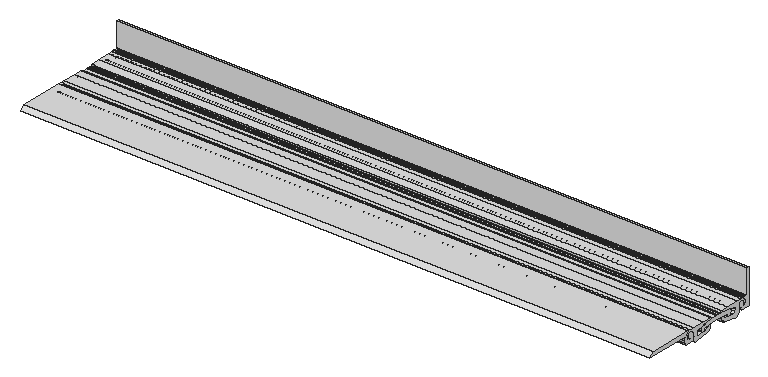
Revit family "Construction-Floors-Conecto-Aluminium Joints ALU AL.125.20", category Specialty Equipment, Revit 2015 (continued)
Definition of nested family "Standard"
  Automatic sketch dimensions
    Extrusion 17 sketch curve to Extrusion 17 sketch curve = 1.113 mm
    Extrusion 17 sketch curve to Extrusion 17 sketch curve = 1.062 mm
    Extrusion 17 sketch curve to Extrusion 17 sketch curve = 0.775 mm
    Extrusion 17 sketch curve to Extrusion 17 sketch curve = 0.729 mm
    Extrusion 17 sketch curve to Extrusion 17 sketch curve = 0.306 mm
    Extrusion 17 sketch curve to Extrusion 17 sketch curve = 0.298 mm
    Extrusion 17 sketch curve to Extrusion 17 sketch curve = 0.832 mm
    Extrusion 17 sketch curve to Extrusion 17 sketch curve = 2.714 mm
    Extrusion 17 sketch curve to Extrusion 17 sketch curve = 0.243 mm
    Extrusion 17 sketch curve to Extrusion 17 sketch curve = 0.349 mm
    Extrusion 17 sketch curve to Extrusion 17 sketch curve = 1.943 mm
    Extrusion 17 sketch curve to Extrusion 17 sketch curve = 0.662 mm
    Extrusion 17 sketch curve to Extrusion 17 sketch curve = 0.732 mm
    Extrusion 17 sketch curve to Extrusion 17 sketch curve = 0.798 mm  (x2)
    Extrusion 17 sketch curve to Extrusion 17 sketch curve = 0.622 mm
    Extrusion 17 sketch curve to Extrusion 17 sketch curve = 1.103 mm
    Extrusion 17 sketch curve to Extrusion 17 sketch curve = 1.039 mm
    Extrusion 17 sketch curve to Extrusion 17 sketch curve = 0.511 mm
    Extrusion 17 sketch curve to Extrusion 17 sketch curve = 0.696 mm
    Extrusion 17 sketch curve to Extrusion 17 sketch curve = 0.528 mm
    Extrusion 17 sketch curve to Extrusion 17 sketch curve = 0.379 mm
    Extrusion 17 sketch curve to Extrusion 17 sketch curve = 0.766 mm
    Extrusion 17 sketch curve to Extrusion 17 sketch curve = 2.115 mm
    Extrusion 17 sketch curve to Extrusion 17 sketch curve = 0.17 mm  (x2)
    Extrusion 17 sketch curve to Extrusion 17 sketch curve = 4.075 mm
    Extrusion 17 sketch curve to Extrusion 17 sketch curve = 0.077 mm
    Extrusion 17 sketch curve to Extrusion 17 sketch curve = 0.232 mm
    Extrusion 17 sketch curve to Extrusion 17 sketch curve = 0.373 mm
    Extrusion 17 sketch curve to Extrusion 17 sketch curve = 0.289 mm
    Extrusion 17 sketch curve to Extrusion 17 sketch curve = 0.516 mm
    Extrusion 17 sketch curve to Extrusion 17 sketch curve = 0.635 mm
    Extrusion 17 sketch curve to Extrusion 17 sketch curve = 0.16 mm
    Extrusion 17 sketch curve to Extrusion 17 sketch curve = 1.009 mm
    Extrusion 17 sketch curve to Extrusion 17 sketch curve = 0.845 mm
    Extrusion 17 sketch curve to Extrusion 17 sketch curve = 1.162 mm
    Extrusion 17 sketch curve to Extrusion 17 sketch curve = 1.002 mm
    Extrusion 17 sketch curve to Extrusion 17 sketch curve = 1.018 mm
    plane 5 to Extrusion 17 sketch curve = 1.008 mm
    plane 5 to Extrusion 17 sketch curve = 0.672 mm
    plane 5 to Extrusion 17 sketch curve = 0.328 mm
    plane 5 to Extrusion 17 sketch curve = 0.012 mm
    Extrusion 17 sketch curve to Extrusion 17 sketch curve = 0.76 mm
    Extrusion 17 sketch curve to Extrusion 17 sketch curve = 0.824 mm
    Extrusion 17 sketch curve to Extrusion 17 sketch curve = 0.907 mm
    Extrusion 17 sketch curve to Extrusion 17 sketch curve = 1.22 mm
    Extrusion 17 sketch curve to Extrusion 17 sketch curve = 2.629 mm
    Extrusion 17 sketch curve to Extrusion 17 sketch curve = 0.878 mm
    Extrusion 17 sketch curve to Extrusion 17 sketch curve = 0.93 mm
    Extrusion 17 sketch curve to Extrusion 17 sketch curve = 1.667 mm
    Extrusion 17 sketch curve to Extrusion 17 sketch curve = 1.629 mm
    Extrusion 17 sketch curve to Extrusion 17 sketch curve = 0.794 mm
    Extrusion 17 sketch curve to Extrusion 17 sketch curve = 0.971 mm
    Extrusion 17 sketch curve to Extrusion 17 sketch curve = 1.003 mm
    Extrusion 17 sketch curve to Extrusion 17 sketch curve = 0.737 mm
    Extrusion 17 sketch curve to Extrusion 17 sketch curve = 1.239 mm
    Extrusion 17 sketch curve to Extrusion 17 sketch curve = 0.423 mm
    Extrusion 17 sketch curve to Extrusion 17 sketch curve = 0.543 mm
    Extrusion 17 sketch curve to Extrusion 17 sketch curve = 0.849 mm
    Extrusion 17 sketch curve to Extrusion 17 sketch curve = 0.788 mm
    Extrusion 17 sketch curve to Extrusion 17 sketch curve = 0.039 mm
    Extrusion 17 sketch curve to Extrusion 17 sketch curve = 0.749 mm
    Extrusion 17 sketch curve to Extrusion 17 sketch curve = 0.475 mm
    Extrusion 17 sketch curve to Extrusion 17 sketch curve = 0.394 mm
    Extrusion 17 sketch curve to Extrusion 17 sketch curve = 0.105 mm
    Extrusion 17 sketch curve to Extrusion 17 sketch curve = 1.841 mm
    Extrusion 17 sketch curve to Extrusion 17 sketch curve = 0.909 mm  (x2)
    Extrusion 17 sketch curve to Extrusion 17 sketch curve = 0.813 mm
    Extrusion 17 sketch curve to Extrusion 17 sketch curve = 0.946 mm
    Extrusion 17 sketch curve to Extrusion 17 sketch curve = 0.488 mm
    Extrusion 17 sketch curve to Extrusion 17 sketch curve = 1.614 mm
    plane 5 to Extrusion 18 sketch curve = 74.384 mm
    Extrusion 18 sketch curve to Extrusion 18 sketch curve = 0.43 mm
    Extrusion 18 sketch curve to Extrusion 18 sketch curve = 0.937 mm  (x2)
    Extrusion 18 sketch curve to Extrusion 18 sketch curve = 2.098 mm
    Extrusion 18 sketch curve to Extrusion 18 sketch curve = 1.054 mm  (x2)
    plane 5 to Extrusion 18 sketch curve = 17.576 mm
    Extrusion 18 sketch curve to Extrusion 18 sketch curve = 0.775 mm
    Extrusion 18 sketch curve to Extrusion 18 sketch curve = 0.377 mm
    Extrusion 18 sketch curve to Extrusion 18 sketch curve = 2.284 mm
    Extrusion 18 sketch curve to Extrusion 18 sketch curve = 0.065 mm
    Extrusion 18 sketch curve to Extrusion 18 sketch curve = 0.485 mm
    Extrusion 18 sketch curve to Extrusion 18 sketch curve = 0.623 mm  (x2)
    Extrusion 18 sketch curve to Extrusion 18 sketch curve = 1.105 mm
    Extrusion 18 sketch curve to Extrusion 18 sketch curve = 1.02 mm
    Extrusion 18 sketch curve to Extrusion 18 sketch curve = 0.107 mm
    Extrusion 18 sketch curve to Extrusion 18 sketch curve = 0.272 mm
    Extrusion 18 sketch curve to Extrusion 18 sketch curve = 0.182 mm
    Extrusion 18 sketch curve to Extrusion 18 sketch curve = 0.098 mm
    Extrusion 18 sketch curve to Extrusion 18 sketch curve = 0.591 mm
    Extrusion 18 sketch curve to Extrusion 18 sketch curve = 0.332 mm
    Extrusion 18 sketch curve to Extrusion 18 sketch curve = 0.589 mm
    Extrusion 18 sketch curve to Extrusion 18 sketch curve = 2.296 mm
    Extrusion 18 sketch curve to Extrusion 18 sketch curve = 4.118 mm
    Extrusion 18 sketch curve to Extrusion 18 sketch curve = 0.069 mm
    Extrusion 18 sketch curve to Extrusion 18 sketch curve = 0.189 mm
    Extrusion 18 sketch curve to Extrusion 18 sketch curve = 0.132 mm
    Extrusion 18 sketch curve to Extrusion 18 sketch curve = 0.433 mm
    Extrusion 18 sketch curve to Extrusion 18 sketch curve = 0.556 mm
    Extrusion 18 sketch curve to Extrusion 18 sketch curve = 0.586 mm
    Extrusion 18 sketch curve to Extrusion 18 sketch curve = 0.467 mm
    Extrusion 18 sketch curve to Extrusion 18 sketch curve = 0.54 mm
    Extrusion 18 sketch curve to Extrusion 18 sketch curve = 0.734 mm
    Extrusion 18 sketch curve to Extrusion 18 sketch curve = 0.731 mm
    Extrusion 18 sketch curve to Extrusion 18 sketch curve = 0.807 mm
    Extrusion 18 sketch curve to Extrusion 18 sketch curve = 0.833 mm
    Extrusion 18 sketch curve to Extrusion 18 sketch curve = 0.78 mm
    Extrusion 18 sketch curve to Extrusion 18 sketch curve = 0.732 mm
    Extrusion 18 sketch curve to Extrusion 18 sketch curve = 0.914 mm
    plane 5 to Extrusion 18 sketch curve = 0.641 mm
    plane 5 to Extrusion 18 sketch curve = 0.242 mm
    Extrusion 18 sketch curve to Extrusion 18 sketch curve = 0.531 mm
    Extrusion 18 sketch curve to Extrusion 18 sketch curve = 0.532 mm
    Extrusion 18 sketch curve to Extrusion 18 sketch curve = 0.709 mm
    Extrusion 18 sketch curve to Extrusion 18 sketch curve = 0.883 mm
    Extrusion 18 sketch curve to Extrusion 18 sketch curve = 0.643 mm
    Extrusion 18 sketch curve to Extrusion 18 sketch curve = 0.964 mm
    Extrusion 18 sketch curve to Extrusion 18 sketch curve = 0.834 mm
    Extrusion 18 sketch curve to Extrusion 18 sketch curve = 2.188 mm
    Extrusion 18 sketch curve to Extrusion 18 sketch curve = 0.784 mm
    Extrusion 18 sketch curve to Extrusion 18 sketch curve = 1.019 mm
    Extrusion 18 sketch curve to Extrusion 18 sketch curve = 0.89 mm
    Extrusion 18 sketch curve to Extrusion 18 sketch curve = 1.097 mm
    Extrusion 18 sketch curve to Extrusion 18 sketch curve = 0.938 mm
    Extrusion 18 sketch curve to Extrusion 18 sketch curve = 1.103 mm
    Extrusion 18 sketch curve to Extrusion 18 sketch curve = 0.798 mm
    Extrusion 18 sketch curve to Extrusion 18 sketch curve = 1.151 mm
    Extrusion 18 sketch curve to Extrusion 18 sketch curve = 0.621 mm
    Extrusion 18 sketch curve to Extrusion 18 sketch curve = 0.495 mm
    Extrusion 18 sketch curve to Extrusion 18 sketch curve = 0.64 mm
    Extrusion 18 sketch curve to Extrusion 18 sketch curve = 0.31 mm
    Extrusion 18 sketch curve to Extrusion 18 sketch curve = 0.281 mm
    Extrusion 18 sketch curve to Extrusion 18 sketch curve = 0.157 mm
    Extrusion 18 sketch curve to Extrusion 18 sketch curve = 0.166 mm
    Extrusion 18 sketch curve to Extrusion 18 sketch curve = 0.93 mm
    Extrusion 18 sketch curve to Extrusion 18 sketch curve = 1.828 mm
    Extrusion 18 sketch curve to Extrusion 18 sketch curve = 1.04 mm
    Extrusion 18 sketch curve to Extrusion 18 sketch curve = 0.911 mm
    Extrusion 18 sketch curve to Extrusion 18 sketch curve = 0.491 mm
    Extrusion 18 sketch curve to Extrusion 18 sketch curve = 1.053 mm
    Extrusion 18 sketch curve to Extrusion 18 sketch curve = 1.425 mm
    plane 5 to Extrusion 19 sketch curve = 74.364 mm
    Extrusion 19 sketch curve to Extrusion 19 sketch curve = 0.43 mm
    Extrusion 19 sketch curve to Extrusion 19 sketch curve = 2.098 mm
    Extrusion 19 sketch curve to Extrusion 19 sketch curve = 1.054 mm  (x2)
    plane 5 to Extrusion 19 sketch curve = 17.556 mm
    Extrusion 19 sketch curve to Extrusion 19 sketch curve = 0.775 mm
    Extrusion 19 sketch curve to Extrusion 19 sketch curve = 0.377 mm
    Extrusion 19 sketch curve to Extrusion 19 sketch curve = 2.284 mm
    Extrusion 19 sketch curve to Extrusion 19 sketch curve = 0.065 mm
    Extrusion 19 sketch curve to Extrusion 19 sketch curve = 0.485 mm
    Extrusion 19 sketch curve to Extrusion 19 sketch curve = 0.623 mm  (x2)
    Extrusion 19 sketch curve to Extrusion 19 sketch curve = 1.105 mm
    Extrusion 19 sketch curve to Extrusion 19 sketch curve = 1.02 mm
    Extrusion 19 sketch curve to Extrusion 19 sketch curve = 0.107 mm
    Extrusion 19 sketch curve to Extrusion 19 sketch curve = 0.272 mm
    Extrusion 19 sketch curve to Extrusion 19 sketch curve = 0.182 mm
    Extrusion 19 sketch curve to Extrusion 19 sketch curve = 0.098 mm
    Extrusion 19 sketch curve to Extrusion 19 sketch curve = 4.529 mm
    Extrusion 19 sketch curve to Extrusion 19 sketch curve = 0.102 mm
    Extrusion 19 sketch curve to Extrusion 19 sketch curve = 0.291 mm
    Extrusion 19 sketch curve to Extrusion 19 sketch curve = 0.591 mm
    Extrusion 19 sketch curve to Extrusion 19 sketch curve = 0.304 mm
    Extrusion 19 sketch curve to Extrusion 19 sketch curve = 0.332 mm
    Extrusion 19 sketch curve to Extrusion 19 sketch curve = 0.574 mm
    Extrusion 19 sketch curve to Extrusion 19 sketch curve = 0.589 mm
    Extrusion 19 sketch curve to Extrusion 19 sketch curve = 0.534 mm
    Extrusion 19 sketch curve to Extrusion 19 sketch curve = 0.778 mm
    Extrusion 19 sketch curve to Extrusion 19 sketch curve = 2.296 mm
    Extrusion 19 sketch curve to Extrusion 19 sketch curve = 1.352 mm
    Extrusion 19 sketch curve to Extrusion 19 sketch curve = 4.118 mm
    Extrusion 19 sketch curve to Extrusion 19 sketch curve = 0.069 mm
    Extrusion 19 sketch curve to Extrusion 19 sketch curve = 0.189 mm
    Extrusion 19 sketch curve to Extrusion 19 sketch curve = 0.132 mm
    Extrusion 19 sketch curve to Extrusion 19 sketch curve = 0.433 mm
    Extrusion 19 sketch curve to Extrusion 19 sketch curve = 1.397 mm
    Extrusion 19 sketch curve to Extrusion 19 sketch curve = 0.556 mm
    Extrusion 19 sketch curve to Extrusion 19 sketch curve = 0.586 mm
    Extrusion 19 sketch curve to Extrusion 19 sketch curve = 0.467 mm
    Extrusion 19 sketch curve to Extrusion 19 sketch curve = 0.54 mm
    Extrusion 19 sketch curve to Extrusion 19 sketch curve = 4.097 mm
    Extrusion 19 sketch curve to Extrusion 19 sketch curve = 0.116 mm
    Extrusion 19 sketch curve to Extrusion 19 sketch curve = 1.064 mm
    Extrusion 19 sketch curve to Extrusion 19 sketch curve = 0.693 mm
    Extrusion 19 sketch curve to Extrusion 19 sketch curve = 0.734 mm  (x2)
    Extrusion 19 sketch curve to Extrusion 19 sketch curve = 0.249 mm
    Extrusion 19 sketch curve to Extrusion 19 sketch curve = 0.731 mm
    Extrusion 19 sketch curve to Extrusion 19 sketch curve = 0.807 mm
    Extrusion 19 sketch curve to Extrusion 19 sketch curve = 0.833 mm
    Extrusion 19 sketch curve to Extrusion 19 sketch curve = 0.78 mm
    Extrusion 19 sketch curve to Extrusion 19 sketch curve = 0.732 mm
    Extrusion 19 sketch curve to Extrusion 19 sketch curve = 0.914 mm
    plane 5 to Extrusion 19 sketch curve = 0.621 mm
    plane 5 to Extrusion 19 sketch curve = 0.222 mm
    Extrusion 19 sketch curve to Extrusion 19 sketch curve = 0.006 mm
    Extrusion 19 sketch curve to Extrusion 19 sketch curve = 0.829 mm
    Extrusion 19 sketch curve to Extrusion 19 sketch curve = 0.931 mm
    Extrusion 19 sketch curve to Extrusion 19 sketch curve = 0.856 mm
    Extrusion 19 sketch curve to Extrusion 19 sketch curve = 0.688 mm
    Extrusion 19 sketch curve to Extrusion 19 sketch curve = 1.414 mm
    Extrusion 19 sketch curve to Extrusion 19 sketch curve = 0.532 mm
    Extrusion 19 sketch curve to Extrusion 19 sketch curve = 0.883 mm
    Extrusion 19 sketch curve to Extrusion 19 sketch curve = 0.643 mm
    Extrusion 19 sketch curve to Extrusion 19 sketch curve = 0.964 mm
    Extrusion 19 sketch curve to Extrusion 19 sketch curve = 0.834 mm
    Extrusion 19 sketch curve to Extrusion 19 sketch curve = 2.188 mm
    Extrusion 19 sketch curve to Extrusion 19 sketch curve = 0.784 mm
    Extrusion 19 sketch curve to Extrusion 19 sketch curve = 1.019 mm
    Extrusion 19 sketch curve to Extrusion 19 sketch curve = 0.89 mm
    Extrusion 19 sketch curve to Extrusion 19 sketch curve = 1.097 mm
    Extrusion 19 sketch curve to Extrusion 19 sketch curve = 0.938 mm
    Extrusion 19 sketch curve to Extrusion 19 sketch curve = 1.103 mm
    Extrusion 19 sketch curve to Extrusion 19 sketch curve = 0.798 mm
    Extrusion 19 sketch curve to Extrusion 19 sketch curve = 1.151 mm
    Extrusion 19 sketch curve to Extrusion 19 sketch curve = 0.621 mm
    Extrusion 19 sketch curve to Extrusion 19 sketch curve = 0.495 mm
    Extrusion 19 sketch curve to Extrusion 19 sketch curve = 0.64 mm
    Extrusion 19 sketch curve to Extrusion 19 sketch curve = 0.31 mm
    Extrusion 19 sketch curve to Extrusion 19 sketch curve = 0.281 mm
    Extrusion 19 sketch curve to Extrusion 19 sketch curve = 0.157 mm
    Extrusion 19 sketch curve to Extrusion 19 sketch curve = 0.166 mm
    Extrusion 19 sketch curve to Extrusion 19 sketch curve = 0.93 mm
    Extrusion 19 sketch curve to Extrusion 19 sketch curve = 1.828 mm
    Extrusion 19 sketch curve to Extrusion 19 sketch curve = 1.04 mm
    Extrusion 19 sketch curve to Extrusion 19 sketch curve = 0.911 mm
    Extrusion 19 sketch curve to Extrusion 19 sketch curve = 0.491 mm
    Extrusion 19 sketch curve to Extrusion 19 sketch curve = 1.053 mm
    Extrusion 19 sketch curve to Extrusion 19 sketch curve = 2.626 mm
    plane 5 to Extrusion 20 sketch curve = 74.226 mm
    Extrusion 20 sketch curve to Extrusion 20 sketch curve = 0.749 mm
    Extrusion 20 sketch curve to Extrusion 20 sketch curve = 1.78 mm
    Extrusion 20 sketch curve to Extrusion 20 sketch curve = 1.537 mm
    Extrusion 20 sketch curve to Extrusion 20 sketch curve = 1.854 mm
    plane 5 to Extrusion 20 sketch curve = 16.416 mm
    Extrusion 20 sketch curve to Extrusion 20 sketch curve = 0.43 mm
    Extrusion 20 sketch curve to Extrusion 20 sketch curve = 2.284 mm
    Extrusion 20 sketch curve to Extrusion 20 sketch curve = 0.065 mm
    Extrusion 20 sketch curve to Extrusion 20 sketch curve = 0.485 mm
    Extrusion 20 sketch curve to Extrusion 20 sketch curve = 0.623 mm  (x2)
    Extrusion 20 sketch curve to Extrusion 20 sketch curve = 3.012 mm
    Extrusion 20 sketch curve to Extrusion 20 sketch curve = 3.271 mm
    Extrusion 20 sketch curve to Extrusion 20 sketch curve = 1.105 mm
    Extrusion 20 sketch curve to Extrusion 20 sketch curve = 1.02 mm
    Extrusion 20 sketch curve to Extrusion 20 sketch curve = 0.107 mm
    Extrusion 20 sketch curve to Extrusion 20 sketch curve = 0.272 mm
    Extrusion 20 sketch curve to Extrusion 20 sketch curve = 0.182 mm
    Extrusion 20 sketch curve to Extrusion 20 sketch curve = 0.098 mm
    Extrusion 20 sketch curve to Extrusion 20 sketch curve = 0.803 mm
    Extrusion 20 sketch curve to Extrusion 20 sketch curve = 1.154 mm
    Extrusion 20 sketch curve to Extrusion 20 sketch curve = 0.591 mm  (x2)
    Extrusion 20 sketch curve to Extrusion 20 sketch curve = 1.054 mm
    Extrusion 20 sketch curve to Extrusion 20 sketch curve = 0.626 mm
    Extrusion 20 sketch curve to Extrusion 20 sketch curve = 0.332 mm
    Extrusion 20 sketch curve to Extrusion 20 sketch curve = 0.589 mm
    Extrusion 20 sketch curve to Extrusion 20 sketch curve = 0.908 mm
    Extrusion 20 sketch curve to Extrusion 20 sketch curve = 2.519 mm
    Extrusion 20 sketch curve to Extrusion 20 sketch curve = 2.296 mm
    Extrusion 20 sketch curve to Extrusion 20 sketch curve = 1.233 mm
    Extrusion 20 sketch curve to Extrusion 20 sketch curve = 4.118 mm
    Extrusion 20 sketch curve to Extrusion 20 sketch curve = 0.069 mm
    Extrusion 20 sketch curve to Extrusion 20 sketch curve = 0.189 mm
    Extrusion 20 sketch curve to Extrusion 20 sketch curve = 0.132 mm
    Extrusion 20 sketch curve to Extrusion 20 sketch curve = 1.181 mm
    Extrusion 20 sketch curve to Extrusion 20 sketch curve = 0.433 mm
    Extrusion 20 sketch curve to Extrusion 20 sketch curve = 0.556 mm
    Extrusion 20 sketch curve to Extrusion 20 sketch curve = 0.586 mm
    Extrusion 20 sketch curve to Extrusion 20 sketch curve = 2.086 mm
    Extrusion 20 sketch curve to Extrusion 20 sketch curve = 0.54 mm
    Extrusion 20 sketch curve to Extrusion 20 sketch curve = 1.13 mm
    Extrusion 20 sketch curve to Extrusion 20 sketch curve = 0.926 mm
    Extrusion 20 sketch curve to Extrusion 20 sketch curve = 0.734 mm
    Extrusion 20 sketch curve to Extrusion 20 sketch curve = 0.939 mm  (x2)
    Extrusion 20 sketch curve to Extrusion 20 sketch curve = 0.654 mm
    Extrusion 20 sketch curve to Extrusion 20 sketch curve = 0.731 mm
    Extrusion 20 sketch curve to Extrusion 20 sketch curve = 0.456 mm
    Extrusion 20 sketch curve to Extrusion 20 sketch curve = 0.807 mm
    Extrusion 20 sketch curve to Extrusion 20 sketch curve = 0.833 mm
    Extrusion 20 sketch curve to Extrusion 20 sketch curve = 0.78 mm
    Extrusion 20 sketch curve to Extrusion 20 sketch curve = 0.732 mm
    Extrusion 20 sketch curve to Extrusion 20 sketch curve = 0.914 mm
    plane 5 to Extrusion 20 sketch curve = 0.633 mm
    plane 5 to Extrusion 20 sketch curve = 0.234 mm
    Extrusion 20 sketch curve to Extrusion 20 sketch curve = 12.646 mm
    Extrusion 20 sketch curve to Extrusion 20 sketch curve = 1.028 mm
    Extrusion 20 sketch curve to Extrusion 20 sketch curve = 0.44 mm
    Extrusion 20 sketch curve to Extrusion 20 sketch curve = 0.145 mm
    Extrusion 20 sketch curve to Extrusion 20 sketch curve = 0.151 mm
    Extrusion 20 sketch curve to Extrusion 20 sketch curve = 0.462 mm
    Extrusion 20 sketch curve to Extrusion 20 sketch curve = 0.576 mm
    Extrusion 20 sketch curve to Extrusion 20 sketch curve = 0.472 mm
    Extrusion 20 sketch curve to Extrusion 20 sketch curve = 1.607 mm
    Extrusion 20 sketch curve to Extrusion 20 sketch curve = 1.617 mm
    Extrusion 20 sketch curve to Extrusion 20 sketch curve = 1.074 mm
    Extrusion 20 sketch curve to Extrusion 20 sketch curve = 0.934 mm
    Extrusion 20 sketch curve to Extrusion 20 sketch curve = 0.532 mm
    Extrusion 20 sketch curve to Extrusion 20 sketch curve = 0.883 mm
    Extrusion 20 sketch curve to Extrusion 20 sketch curve = 0.643 mm
    Extrusion 20 sketch curve to Extrusion 20 sketch curve = 0.161 mm
    Extrusion 20 sketch curve to Extrusion 20 sketch curve = 0.964 mm
    Extrusion 20 sketch curve to Extrusion 20 sketch curve = 0.834 mm
    Extrusion 20 sketch curve to Extrusion 20 sketch curve = 2.188 mm
    Extrusion 20 sketch curve to Extrusion 20 sketch curve = 0.784 mm
    Extrusion 20 sketch curve to Extrusion 20 sketch curve = 1.019 mm
    Extrusion 20 sketch curve to Extrusion 20 sketch curve = 0.89 mm
    Extrusion 20 sketch curve to Extrusion 20 sketch curve = 1.097 mm
    Extrusion 20 sketch curve to Extrusion 20 sketch curve = 0.938 mm
    Extrusion 20 sketch curve to Extrusion 20 sketch curve = 1.103 mm
    Extrusion 20 sketch curve to Extrusion 20 sketch curve = 0.798 mm
    Extrusion 20 sketch curve to Extrusion 20 sketch curve = 1.151 mm
    Extrusion 20 sketch curve to Extrusion 20 sketch curve = 0.621 mm
    Extrusion 20 sketch curve to Extrusion 20 sketch curve = 0.495 mm
    Extrusion 20 sketch curve to Extrusion 20 sketch curve = 0.64 mm
    Extrusion 20 sketch curve to Extrusion 20 sketch curve = 0.31 mm
    Extrusion 20 sketch curve to Extrusion 20 sketch curve = 0.281 mm
    Extrusion 20 sketch curve to Extrusion 20 sketch curve = 0.157 mm
    Extrusion 20 sketch curve to Extrusion 20 sketch curve = 0.166 mm
    Extrusion 20 sketch curve to Extrusion 20 sketch curve = 0.93 mm
    Extrusion 20 sketch curve to Extrusion 20 sketch curve = 1.828 mm
    Extrusion 20 sketch curve to Extrusion 20 sketch curve = 1.04 mm
    Extrusion 20 sketch curve to Extrusion 20 sketch curve = 0.911 mm
    Extrusion 20 sketch curve to Extrusion 20 sketch curve = 0.491 mm
    Extrusion 20 sketch curve to Extrusion 20 sketch curve = 1.053 mm
    Extrusion 20 sketch curve to Extrusion 20 sketch curve = 2.626 mm
    plane 6 to Extrusion 21 sketch curve = 76.237 mm
    Extrusion 21 sketch curve to Extrusion 21 sketch curve = 0.134 mm
    Extrusion 21 sketch curve to Extrusion 21 sketch curve = 0.685 mm  (x2)
    Extrusion 21 sketch curve to Extrusion 21 sketch curve = 0.826 mm
    Extrusion 21 sketch curve to Extrusion 21 sketch curve = 1.425 mm
    Extrusion 21 sketch curve to Extrusion 21 sketch curve = 2.078 mm
    plane 6 to Extrusion 21 sketch curve = 16.425 mm
    Extrusion 21 sketch curve to Extrusion 21 sketch curve = 0.009 mm
    Extrusion 21 sketch curve to Extrusion 21 sketch curve = 0.041 mm
    Extrusion 21 sketch curve to Extrusion 21 sketch curve = 0.911 mm  (x2)
    Extrusion 21 sketch curve to Extrusion 21 sketch curve = 2.3 mm
    Extrusion 21 sketch curve to Extrusion 21 sketch curve = 2.339 mm
    Extrusion 21 sketch curve to Extrusion 21 sketch curve = 0.027 mm
    Extrusion 21 sketch curve to Extrusion 21 sketch curve = 0.499 mm
    Extrusion 21 sketch curve to Extrusion 21 sketch curve = 0.837 mm
    Extrusion 21 sketch curve to Extrusion 21 sketch curve = 0.786 mm  (x2)
    Extrusion 21 sketch curve to Extrusion 21 sketch curve = 0.774 mm  (x2)
    Extrusion 21 sketch curve to Extrusion 21 sketch curve = 0.425 mm
    Extrusion 21 sketch curve to Extrusion 21 sketch curve = 0.097 mm
    Extrusion 21 sketch curve to Extrusion 21 sketch curve = 0.246 mm
    Extrusion 21 sketch curve to Extrusion 21 sketch curve = 0.831 mm
    Extrusion 21 sketch curve to Extrusion 21 sketch curve = 0.349 mm
    Extrusion 21 sketch curve to Extrusion 21 sketch curve = 0.778 mm
    Extrusion 21 sketch curve to Extrusion 21 sketch curve = 0.491 mm  (x2)
    plane 6 to Extrusion 21 sketch curve = 11.198 mm
    Extrusion 21 sketch curve to Extrusion 21 sketch curve = 0.697 mm
    Extrusion 21 sketch curve to Extrusion 21 sketch curve = 3.355 mm
    Extrusion 21 sketch curve to Extrusion 21 sketch curve = 0.719 mm
    Extrusion 21 sketch curve to Extrusion 21 sketch curve = 0.595 mm
    Extrusion 21 sketch curve to Extrusion 21 sketch curve = 0.672 mm
    Extrusion 21 sketch curve to Extrusion 21 sketch curve = 0.908 mm
    Extrusion 21 sketch curve to Extrusion 21 sketch curve = 0.74 mm
    Extrusion 21 sketch curve to Extrusion 21 sketch curve = 0.885 mm  (x2)
    Extrusion 21 sketch curve to Extrusion 21 sketch curve = 0.607 mm
    Extrusion 21 sketch curve to Extrusion 21 sketch curve = 0.827 mm
    Extrusion 21 sketch curve to Extrusion 21 sketch curve = 2.153 mm
    Extrusion 21 sketch curve to Extrusion 21 sketch curve = 0.459 mm
    Extrusion 21 sketch curve to Extrusion 21 sketch curve = 0.775 mm
    Extrusion 21 sketch curve to Extrusion 21 sketch curve = 0.787 mm
    Extrusion 21 sketch curve to Extrusion 21 sketch curve = 4.161 mm
    Extrusion 21 sketch curve to Extrusion 21 sketch curve = 0.155 mm
    Extrusion 21 sketch curve to Extrusion 21 sketch curve = 2.645 mm
    Extrusion 21 sketch curve to Extrusion 21 sketch curve = 0.258 mm
    Extrusion 21 sketch curve to Extrusion 21 sketch curve = 0.789 mm
    Extrusion 21 sketch curve to Extrusion 21 sketch curve = 0.379 mm
    Extrusion 21 sketch curve to Extrusion 21 sketch curve = 0.889 mm
    Extrusion 21 sketch curve to Extrusion 21 sketch curve = 0.488 mm
    Extrusion 21 sketch curve to Extrusion 21 sketch curve = 1.704 mm
    Extrusion 21 sketch curve to Extrusion 21 sketch curve = 0.741 mm
    Extrusion 21 sketch curve to Extrusion 21 sketch curve = 0.656 mm  (x2)
    Extrusion 21 sketch curve to Extrusion 21 sketch curve = 0.298 mm
    Extrusion 21 sketch curve to Extrusion 21 sketch curve = 0.771 mm
    Extrusion 21 sketch curve to Extrusion 21 sketch curve = 0.877 mm
    Extrusion 21 sketch curve to Extrusion 21 sketch curve = 0.492 mm
    Extrusion 21 sketch curve to Extrusion 21 sketch curve = 0.714 mm
    Extrusion 21 sketch curve to Extrusion 21 sketch curve = 0.418 mm
    Extrusion 21 sketch curve to Extrusion 21 sketch curve = 0.776 mm
    Extrusion 21 sketch curve to Extrusion 21 sketch curve = 0.629 mm
    Extrusion 21 sketch curve to Extrusion 21 sketch curve = 0.721 mm
    Extrusion 21 sketch curve to Extrusion 21 sketch curve = 0.523 mm
    Extrusion 21 sketch curve to Extrusion 21 sketch curve = 0.922 mm
    Extrusion 21 sketch curve to Extrusion 21 sketch curve = 0.347 mm
    Extrusion 21 sketch curve to Extrusion 21 sketch curve = 0.484 mm
    Extrusion 21 sketch curve to Extrusion 21 sketch curve = 0.085 mm
    Extrusion 21 sketch curve to Extrusion 21 sketch curve = 0.931 mm
    Extrusion 21 sketch curve to Extrusion 21 sketch curve = 0.833 mm
    plane 6 to Extrusion 21 sketch curve = 2.025 mm  (x2)
    Extrusion 21 sketch curve to Extrusion 21 sketch curve = 0.81 mm
    plane 6 to Extrusion 21 sketch curve = 0.891 mm  (x2)
    plane 6 to Extrusion 21 sketch curve = 0.11 mm
    Extrusion 21 sketch curve to Extrusion 21 sketch curve = 0.601 mm
    Extrusion 21 sketch curve to Extrusion 21 sketch curve = 0.78 mm
    Extrusion 21 sketch curve to Extrusion 21 sketch curve = 0.804 mm
    Extrusion 21 sketch curve to Extrusion 21 sketch curve = 0.811 mm
    Extrusion 21 sketch curve to Extrusion 21 sketch curve = 2.532 mm
    Extrusion 21 sketch curve to Extrusion 21 sketch curve = 0.993 mm
    Extrusion 21 sketch curve to Extrusion 21 sketch curve = 0.391 mm
    Extrusion 21 sketch curve to Extrusion 21 sketch curve = 0.063 mm
    Extrusion 21 sketch curve to Extrusion 21 sketch curve = 0.673 mm
    Extrusion 21 sketch curve to Extrusion 21 sketch curve = 0.38 mm
    Extrusion 21 sketch curve to Extrusion 21 sketch curve = 0.252 mm
    Extrusion 21 sketch curve to Extrusion 21 sketch curve = 0.151 mm
    Extrusion 21 sketch curve to Extrusion 21 sketch curve = 3.295 mm  (x2)
    Extrusion 21 sketch curve to Extrusion 21 sketch curve = 2.553 mm
    Extrusion 21 sketch curve to Extrusion 21 sketch curve = 0.406 mm
    Extrusion 21 sketch curve to Extrusion 21 sketch curve = 3.77 mm
    Extrusion 21 sketch curve to Extrusion 21 sketch curve = 0.794 mm
    Extrusion 21 sketch curve to Extrusion 21 sketch curve = 63.318 mm
    Extrusion 21 sketch curve to Extrusion 21 sketch curve = 1.56 mm
    Extrusion 21 sketch curve to Extrusion 21 sketch curve = 0.918 mm
    Extrusion 21 sketch curve to Extrusion 21 sketch curve = 0.284 mm
    Extrusion 21 sketch curve to Extrusion 21 sketch curve = 0.587 mm
    Extrusion 21 sketch curve to Extrusion 21 sketch curve = 1.2 mm
    Extrusion 21 sketch curve to Extrusion 21 sketch curve = 1.911 mm
    Extrusion 21 sketch curve to Extrusion 21 sketch curve = 0.578 mm
    Extrusion 21 sketch curve to Extrusion 21 sketch curve = 4.832 mm
    Extrusion 21 sketch curve to Extrusion 21 sketch curve = 0.912 mm
    Extrusion 21 sketch curve to Extrusion 21 sketch curve = 0.917 mm
    Extrusion 21 sketch curve to Extrusion 21 sketch curve = 2.428 mm
    Extrusion 21 sketch curve to Extrusion 21 sketch curve = 0.795 mm
    Extrusion 21 sketch curve to Extrusion 21 sketch curve = 0.87 mm
    Extrusion 21 sketch curve to Extrusion 21 sketch curve = 2.001 mm
    Extrusion 21 sketch curve to Extrusion 21 sketch curve = 1.1 mm
    Extrusion 21 sketch curve to Extrusion 21 sketch curve = 1.105 mm
    Extrusion 21 sketch curve to Extrusion 21 sketch curve = 1.16 mm
    Extrusion 21 sketch curve to Extrusion 21 sketch curve = 0.798 mm
    Extrusion 21 sketch curve to Extrusion 21 sketch curve = 0.812 mm
    Extrusion 21 sketch curve to Extrusion 21 sketch curve = 1.3 mm
    Extrusion 21 sketch curve to Extrusion 21 sketch curve = 1.589 mm
    Extrusion 21 sketch curve to Extrusion 21 sketch curve = 0.729 mm
    Extrusion 21 sketch curve to Extrusion 21 sketch curve = 0.181 mm
    Extrusion 21 sketch curve to Extrusion 21 sketch curve = 0.71 mm
    Extrusion 21 sketch curve to Extrusion 21 sketch curve = 0.699 mm
    Extrusion 21 sketch curve to Extrusion 21 sketch curve = 0.638 mm
    Extrusion 21 sketch curve to Extrusion 21 sketch curve = 0.506 mm
    Extrusion 21 sketch curve to Extrusion 21 sketch curve = 0.373 mm
    Extrusion 21 sketch curve to Extrusion 21 sketch curve = 0.208 mm
    Extrusion 21 sketch curve to Extrusion 21 sketch curve = 0.144 mm
    Extrusion 21 sketch curve to Extrusion 21 sketch curve = 1.895 mm
    Extrusion 21 sketch curve to Extrusion 21 sketch curve = 0.735 mm
    Extrusion 21 sketch curve to Extrusion 21 sketch curve = 1.073 mm  (x2)
    Extrusion 21 sketch curve to Extrusion 21 sketch curve = 0.031 mm
    Extrusion 21 sketch curve to Extrusion 21 sketch curve = 0.237 mm
    Extrusion 21 sketch curve to Extrusion 21 sketch curve = 0.765 mm
    Extrusion 21 sketch curve to Extrusion 21 sketch curve = 2.288 mm
    plane 6 to Extrusion 22 sketch curve = 76.237 mm
    Extrusion 22 sketch curve to Extrusion 22 sketch curve = 0.134 mm
    Extrusion 22 sketch curve to Extrusion 22 sketch curve = 0.685 mm  (x2)
    Extrusion 22 sketch curve to Extrusion 22 sketch curve = 0.826 mm
    Extrusion 22 sketch curve to Extrusion 22 sketch curve = 1.425 mm
    Extrusion 22 sketch curve to Extrusion 22 sketch curve = 2.071 mm
    plane 6 to Extrusion 22 sketch curve = 16.425 mm
    Extrusion 22 sketch curve to Extrusion 22 sketch curve = 0.009 mm
    Extrusion 22 sketch curve to Extrusion 22 sketch curve = 0.041 mm
    Extrusion 22 sketch curve to Extrusion 22 sketch curve = 0.911 mm  (x2)
    Extrusion 22 sketch curve to Extrusion 22 sketch curve = 2.3 mm
    Extrusion 22 sketch curve to Extrusion 22 sketch curve = 2.339 mm
    Extrusion 22 sketch curve to Extrusion 22 sketch curve = 0.027 mm
    Extrusion 22 sketch curve to Extrusion 22 sketch curve = 0.499 mm
    Extrusion 22 sketch curve to Extrusion 22 sketch curve = 0.837 mm
    Extrusion 22 sketch curve to Extrusion 22 sketch curve = 0.786 mm  (x2)
    Extrusion 22 sketch curve to Extrusion 22 sketch curve = 0.774 mm  (x2)
    Extrusion 22 sketch curve to Extrusion 22 sketch curve = 0.425 mm
    Extrusion 22 sketch curve to Extrusion 22 sketch curve = 0.097 mm
    Extrusion 22 sketch curve to Extrusion 22 sketch curve = 0.246 mm
    Extrusion 22 sketch curve to Extrusion 22 sketch curve = 0.831 mm
    Extrusion 22 sketch curve to Extrusion 22 sketch curve = 0.349 mm
    Extrusion 22 sketch curve to Extrusion 22 sketch curve = 0.778 mm
    Extrusion 22 sketch curve to Extrusion 22 sketch curve = 0.491 mm  (x2)
    Extrusion 22 sketch curve to Extrusion 22 sketch curve = 0.697 mm
    Extrusion 22 sketch curve to Extrusion 22 sketch curve = 3.355 mm
    Extrusion 22 sketch curve to Extrusion 22 sketch curve = 0.719 mm
    Extrusion 22 sketch curve to Extrusion 22 sketch curve = 0.595 mm
    Extrusion 22 sketch curve to Extrusion 22 sketch curve = 0.672 mm
    Extrusion 22 sketch curve to Extrusion 22 sketch curve = 0.908 mm
    Extrusion 22 sketch curve to Extrusion 22 sketch curve = 0.74 mm
    Extrusion 22 sketch curve to Extrusion 22 sketch curve = 0.885 mm  (x2)
    Extrusion 22 sketch curve to Extrusion 22 sketch curve = 0.607 mm
    Extrusion 22 sketch curve to Extrusion 22 sketch curve = 0.827 mm
    Extrusion 22 sketch curve to Extrusion 22 sketch curve = 0.459 mm
    plane 6 to Extrusion 22 sketch curve = 8.705 mm
    Extrusion 22 sketch curve to Extrusion 22 sketch curve = 0.775 mm
    Extrusion 22 sketch curve to Extrusion 22 sketch curve = 0.787 mm
    Extrusion 22 sketch curve to Extrusion 22 sketch curve = 4.161 mm
    Extrusion 22 sketch curve to Extrusion 22 sketch curve = 0.155 mm
    Extrusion 22 sketch curve to Extrusion 22 sketch curve = 2.645 mm
    Extrusion 22 sketch curve to Extrusion 22 sketch curve = 0.258 mm
    Extrusion 22 sketch curve to Extrusion 22 sketch curve = 0.789 mm
    Extrusion 22 sketch curve to Extrusion 22 sketch curve = 0.379 mm
    Extrusion 22 sketch curve to Extrusion 22 sketch curve = 0.889 mm
    Extrusion 22 sketch curve to Extrusion 22 sketch curve = 0.488 mm
    Extrusion 22 sketch curve to Extrusion 22 sketch curve = 0.741 mm
    Extrusion 22 sketch curve to Extrusion 22 sketch curve = 0.656 mm  (x2)
    Extrusion 22 sketch curve to Extrusion 22 sketch curve = 0.298 mm
    Extrusion 22 sketch curve to Extrusion 22 sketch curve = 2.115 mm
    Extrusion 22 sketch curve to Extrusion 22 sketch curve = 0.877 mm
    Extrusion 22 sketch curve to Extrusion 22 sketch curve = 0.492 mm
    Extrusion 22 sketch curve to Extrusion 22 sketch curve = 0.714 mm
    Extrusion 22 sketch curve to Extrusion 22 sketch curve = 0.273 mm
    Extrusion 22 sketch curve to Extrusion 22 sketch curve = 0.776 mm
    Extrusion 22 sketch curve to Extrusion 22 sketch curve = 0.629 mm
    Extrusion 22 sketch curve to Extrusion 22 sketch curve = 0.721 mm
    Extrusion 22 sketch curve to Extrusion 22 sketch curve = 0.523 mm
    Extrusion 22 sketch curve to Extrusion 22 sketch curve = 0.922 mm
    Extrusion 22 sketch curve to Extrusion 22 sketch curve = 0.347 mm
    Extrusion 22 sketch curve to Extrusion 22 sketch curve = 0.484 mm
    Extrusion 22 sketch curve to Extrusion 22 sketch curve = 0.085 mm
    Extrusion 22 sketch curve to Extrusion 22 sketch curve = 0.931 mm
    Extrusion 22 sketch curve to Extrusion 22 sketch curve = 0.833 mm
    plane 6 to Extrusion 22 sketch curve = 2.025 mm  (x2)
    Extrusion 22 sketch curve to Extrusion 22 sketch curve = 0.81 mm
    plane 6 to Extrusion 22 sketch curve = 0.891 mm  (x2)
    plane 6 to Extrusion 22 sketch curve = 0.11 mm
    Extrusion 22 sketch curve to Extrusion 22 sketch curve = 0.218 mm
    Extrusion 22 sketch curve to Extrusion 22 sketch curve = 0.428 mm
    Extrusion 22 sketch curve to Extrusion 22 sketch curve = 0.38 mm
    Extrusion 22 sketch curve to Extrusion 22 sketch curve = 0.252 mm
    Extrusion 22 sketch curve to Extrusion 22 sketch curve = 0.151 mm
    Extrusion 22 sketch curve to Extrusion 22 sketch curve = 1.986 mm
    Extrusion 22 sketch curve to Extrusion 22 sketch curve = 2.553 mm
    Extrusion 22 sketch curve to Extrusion 22 sketch curve = 0.406 mm
    Extrusion 22 sketch curve to Extrusion 22 sketch curve = 3.77 mm
    Extrusion 22 sketch curve to Extrusion 22 sketch curve = 0.794 mm
    Extrusion 22 sketch curve to Extrusion 22 sketch curve = 53.088 mm
    Extrusion 22 sketch curve to Extrusion 22 sketch curve = 1.637 mm
    Extrusion 22 sketch curve to Extrusion 22 sketch curve = 1.221 mm
    Extrusion 22 sketch curve to Extrusion 22 sketch curve = 1.196 mm
    Extrusion 22 sketch curve to Extrusion 22 sketch curve = 1.911 mm
    Extrusion 22 sketch curve to Extrusion 22 sketch curve = 0.578 mm
    Extrusion 22 sketch curve to Extrusion 22 sketch curve = 0.175 mm
    Extrusion 22 sketch curve to Extrusion 22 sketch curve = 0.673 mm
    Extrusion 22 sketch curve to Extrusion 22 sketch curve = 3.295 mm  (x2)
    Extrusion 22 sketch curve to Extrusion 22 sketch curve = 0.993 mm
    Extrusion 22 sketch curve to Extrusion 22 sketch curve = 0.811 mm
    Extrusion 22 sketch curve to Extrusion 22 sketch curve = 0.804 mm
    Extrusion 22 sketch curve to Extrusion 22 sketch curve = 2.532 mm
    Extrusion 22 sketch curve to Extrusion 22 sketch curve = 0.601 mm
    Extrusion 22 sketch curve to Extrusion 22 sketch curve = 0.912 mm
    Extrusion 22 sketch curve to Extrusion 22 sketch curve = 0.917 mm
    Extrusion 22 sketch curve to Extrusion 22 sketch curve = 2.428 mm
    Extrusion 22 sketch curve to Extrusion 22 sketch curve = 0.795 mm
    Extrusion 22 sketch curve to Extrusion 22 sketch curve = 0.87 mm
    Extrusion 22 sketch curve to Extrusion 22 sketch curve = 2.001 mm
    Extrusion 22 sketch curve to Extrusion 22 sketch curve = 1.1 mm
    Extrusion 22 sketch curve to Extrusion 22 sketch curve = 1.105 mm
    Extrusion 22 sketch curve to Extrusion 22 sketch curve = 1.16 mm
    Extrusion 22 sketch curve to Extrusion 22 sketch curve = 0.798 mm
    Extrusion 22 sketch curve to Extrusion 22 sketch curve = 0.812 mm
    Extrusion 22 sketch curve to Extrusion 22 sketch curve = 1.3 mm
    Extrusion 22 sketch curve to Extrusion 22 sketch curve = 1.589 mm
    Extrusion 22 sketch curve to Extrusion 22 sketch curve = 0.729 mm
    Extrusion 22 sketch curve to Extrusion 22 sketch curve = 0.181 mm
    Extrusion 22 sketch curve to Extrusion 22 sketch curve = 0.71 mm
    Extrusion 22 sketch curve to Extrusion 22 sketch curve = 0.699 mm
    Extrusion 22 sketch curve to Extrusion 22 sketch curve = 0.638 mm
    Extrusion 22 sketch curve to Extrusion 22 sketch curve = 0.506 mm
    Extrusion 22 sketch curve to Extrusion 22 sketch curve = 0.373 mm
    Extrusion 22 sketch curve to Extrusion 22 sketch curve = 0.208 mm
    Extrusion 22 sketch curve to Extrusion 22 sketch curve = 0.144 mm
    Extrusion 22 sketch curve to Extrusion 22 sketch curve = 1.895 mm
    Extrusion 22 sketch curve to Extrusion 22 sketch curve = 0.735 mm
    Extrusion 22 sketch curve to Extrusion 22 sketch curve = 1.073 mm  (x2)
    Extrusion 22 sketch curve to Extrusion 22 sketch curve = 0.031 mm
    Extrusion 22 sketch curve to Extrusion 22 sketch curve = 0.237 mm
    Extrusion 22 sketch curve to Extrusion 22 sketch curve = 0.765 mm
    Extrusion 22 sketch curve to Extrusion 22 sketch curve = 1.007 mm
    plane 6 to Extrusion 23 sketch curve = 76.337 mm
    Extrusion 23 sketch curve to Extrusion 23 sketch curve = 0.134 mm
    Extrusion 23 sketch curve to Extrusion 23 sketch curve = 0.685 mm  (x2)
    Extrusion 23 sketch curve to Extrusion 23 sketch curve = 0.826 mm
    Extrusion 23 sketch curve to Extrusion 23 sketch curve = 1.425 mm
    Extrusion 23 sketch curve to Extrusion 23 sketch curve = 2.203 mm
    plane 6 to Extrusion 23 sketch curve = 16.425 mm
    Extrusion 23 sketch curve to Extrusion 23 sketch curve = 0.009 mm
    Extrusion 23 sketch curve to Extrusion 23 sketch curve = 0.032 mm
    Extrusion 23 sketch curve to Extrusion 23 sketch curve = 0.911 mm  (x2)
    Extrusion 23 sketch curve to Extrusion 23 sketch curve = 2.3 mm
    Extrusion 23 sketch curve to Extrusion 23 sketch curve = 2.339 mm
    Extrusion 23 sketch curve to Extrusion 23 sketch curve = 0.027 mm
    Extrusion 23 sketch curve to Extrusion 23 sketch curve = 0.499 mm
    Extrusion 23 sketch curve to Extrusion 23 sketch curve = 0.837 mm
    Extrusion 23 sketch curve to Extrusion 23 sketch curve = 0.786 mm  (x2)
    Extrusion 23 sketch curve to Extrusion 23 sketch curve = 0.774 mm  (x2)
    Extrusion 23 sketch curve to Extrusion 23 sketch curve = 0.425 mm
    Extrusion 23 sketch curve to Extrusion 23 sketch curve = 0.097 mm
    Extrusion 23 sketch curve to Extrusion 23 sketch curve = 0.246 mm
    Extrusion 23 sketch curve to Extrusion 23 sketch curve = 0.831 mm
    Extrusion 23 sketch curve to Extrusion 23 sketch curve = 0.349 mm
    Extrusion 23 sketch curve to Extrusion 23 sketch curve = 0.778 mm
    Extrusion 23 sketch curve to Extrusion 23 sketch curve = 0.491 mm  (x2)
    plane 6 to Extrusion 23 sketch curve = 11.216 mm
    Extrusion 23 sketch curve to Extrusion 23 sketch curve = 0.697 mm
    Extrusion 23 sketch curve to Extrusion 23 sketch curve = 3.355 mm
    Extrusion 23 sketch curve to Extrusion 23 sketch curve = 0.719 mm
    Extrusion 23 sketch curve to Extrusion 23 sketch curve = 0.595 mm
    Extrusion 23 sketch curve to Extrusion 23 sketch curve = 0.672 mm
    Extrusion 23 sketch curve to Extrusion 23 sketch curve = 0.908 mm
    Extrusion 23 sketch curve to Extrusion 23 sketch curve = 0.74 mm
    Extrusion 23 sketch curve to Extrusion 23 sketch curve = 0.885 mm  (x2)
    Extrusion 23 sketch curve to Extrusion 23 sketch curve = 0.607 mm
    Extrusion 23 sketch curve to Extrusion 23 sketch curve = 0.827 mm
    Extrusion 23 sketch curve to Extrusion 23 sketch curve = 0.459 mm
    Extrusion 23 sketch curve to Extrusion 23 sketch curve = 0.775 mm
    Extrusion 23 sketch curve to Extrusion 23 sketch curve = 2.808 mm
    Extrusion 23 sketch curve to Extrusion 23 sketch curve = 0.787 mm
    Extrusion 23 sketch curve to Extrusion 23 sketch curve = 4.161 mm
    Extrusion 23 sketch curve to Extrusion 23 sketch curve = 0.155 mm
    Extrusion 23 sketch curve to Extrusion 23 sketch curve = 2.645 mm
    Extrusion 23 sketch curve to Extrusion 23 sketch curve = 0.258 mm
    Extrusion 23 sketch curve to Extrusion 23 sketch curve = 0.789 mm
    Extrusion 23 sketch curve to Extrusion 23 sketch curve = 0.379 mm
    Extrusion 23 sketch curve to Extrusion 23 sketch curve = 0.889 mm
    Extrusion 23 sketch curve to Extrusion 23 sketch curve = 0.488 mm
    Extrusion 23 sketch curve to Extrusion 23 sketch curve = 0.741 mm
    Extrusion 23 sketch curve to Extrusion 23 sketch curve = 1.325 mm
    Extrusion 23 sketch curve to Extrusion 23 sketch curve = 0.656 mm  (x2)
    Extrusion 23 sketch curve to Extrusion 23 sketch curve = 0.298 mm
    Extrusion 23 sketch curve to Extrusion 23 sketch curve = 0.877 mm
    Extrusion 23 sketch curve to Extrusion 23 sketch curve = 0.492 mm
    Extrusion 23 sketch curve to Extrusion 23 sketch curve = 0.714 mm
    Extrusion 23 sketch curve to Extrusion 23 sketch curve = 0.273 mm
    Extrusion 23 sketch curve to Extrusion 23 sketch curve = 0.776 mm
    Extrusion 23 sketch curve to Extrusion 23 sketch curve = 0.629 mm
    Extrusion 23 sketch curve to Extrusion 23 sketch curve = 0.721 mm
    Extrusion 23 sketch curve to Extrusion 23 sketch curve = 0.523 mm
    Extrusion 23 sketch curve to Extrusion 23 sketch curve = 0.922 mm
    Extrusion 23 sketch curve to Extrusion 23 sketch curve = 0.347 mm
    Extrusion 23 sketch curve to Extrusion 23 sketch curve = 0.484 mm
    Extrusion 23 sketch curve to Extrusion 23 sketch curve = 0.085 mm
    Extrusion 23 sketch curve to Extrusion 23 sketch curve = 0.931 mm
    Extrusion 23 sketch curve to Extrusion 23 sketch curve = 0.833 mm
    plane 6 to Extrusion 23 sketch curve = 2.025 mm  (x2)
    Extrusion 23 sketch curve to Extrusion 23 sketch curve = 0.81 mm
    plane 6 to Extrusion 23 sketch curve = 0.891 mm  (x2)
    plane 6 to Extrusion 23 sketch curve = 0.11 mm
    Extrusion 23 sketch curve to Extrusion 23 sketch curve = 0.218 mm
    Extrusion 23 sketch curve to Extrusion 23 sketch curve = 0.428 mm
    Extrusion 23 sketch curve to Extrusion 23 sketch curve = 0.38 mm
    Extrusion 23 sketch curve to Extrusion 23 sketch curve = 0.252 mm
    Extrusion 23 sketch curve to Extrusion 23 sketch curve = 0.151 mm
    Extrusion 23 sketch curve to Extrusion 23 sketch curve = 1.986 mm
    Extrusion 23 sketch curve to Extrusion 23 sketch curve = 2.553 mm
    Extrusion 23 sketch curve to Extrusion 23 sketch curve = 0.406 mm
    Extrusion 23 sketch curve to Extrusion 23 sketch curve = 3.77 mm
    Extrusion 23 sketch curve to Extrusion 23 sketch curve = 0.794 mm
    Extrusion 23 sketch curve to Extrusion 23 sketch curve = 44.368 mm
    Extrusion 23 sketch curve to Extrusion 23 sketch curve = 1.15 mm
    Extrusion 23 sketch curve to Extrusion 23 sketch curve = 0.704 mm
    Extrusion 23 sketch curve to Extrusion 23 sketch curve = 1.272 mm
    Extrusion 23 sketch curve to Extrusion 23 sketch curve = 1.911 mm
    Extrusion 23 sketch curve to Extrusion 23 sketch curve = 0.578 mm
    Extrusion 23 sketch curve to Extrusion 23 sketch curve = 5.129 mm
    Extrusion 23 sketch curve to Extrusion 23 sketch curve = 0.673 mm
    Extrusion 23 sketch curve to Extrusion 23 sketch curve = 3.295 mm  (x2)
    Extrusion 23 sketch curve to Extrusion 23 sketch curve = 0.993 mm
    Extrusion 23 sketch curve to Extrusion 23 sketch curve = 0.811 mm
    Extrusion 23 sketch curve to Extrusion 23 sketch curve = 0.804 mm
    Extrusion 23 sketch curve to Extrusion 23 sketch curve = 2.532 mm
    Extrusion 23 sketch curve to Extrusion 23 sketch curve = 0.601 mm
    Extrusion 23 sketch curve to Extrusion 23 sketch curve = 0.302 mm
    Extrusion 23 sketch curve to Extrusion 23 sketch curve = 0.912 mm
    Extrusion 23 sketch curve to Extrusion 23 sketch curve = 0.917 mm
    Extrusion 23 sketch curve to Extrusion 23 sketch curve = 2.428 mm
    Extrusion 23 sketch curve to Extrusion 23 sketch curve = 0.795 mm
    Extrusion 23 sketch curve to Extrusion 23 sketch curve = 0.87 mm
    Extrusion 23 sketch curve to Extrusion 23 sketch curve = 2.001 mm
    Extrusion 23 sketch curve to Extrusion 23 sketch curve = 1.1 mm
    Extrusion 23 sketch curve to Extrusion 23 sketch curve = 1.105 mm
    Extrusion 23 sketch curve to Extrusion 23 sketch curve = 1.16 mm
    Extrusion 23 sketch curve to Extrusion 23 sketch curve = 0.798 mm
    Extrusion 23 sketch curve to Extrusion 23 sketch curve = 0.812 mm
    Extrusion 23 sketch curve to Extrusion 23 sketch curve = 1.3 mm
    Extrusion 23 sketch curve to Extrusion 23 sketch curve = 1.589 mm
    Extrusion 23 sketch curve to Extrusion 23 sketch curve = 0.729 mm
    Extrusion 23 sketch curve to Extrusion 23 sketch curve = 0.181 mm
    Extrusion 23 sketch curve to Extrusion 23 sketch curve = 0.71 mm
    Extrusion 23 sketch curve to Extrusion 23 sketch curve = 0.699 mm
    Extrusion 23 sketch curve to Extrusion 23 sketch curve = 0.638 mm
    Extrusion 23 sketch curve to Extrusion 23 sketch curve = 0.506 mm
    Extrusion 23 sketch curve to Extrusion 23 sketch curve = 0.373 mm
    Extrusion 23 sketch curve to Extrusion 23 sketch curve = 0.208 mm
    Extrusion 23 sketch curve to Extrusion 23 sketch curve = 0.144 mm
    Extrusion 23 sketch curve to Extrusion 23 sketch curve = 1.895 mm
    Extrusion 23 sketch curve to Extrusion 23 sketch curve = 0.735 mm
    Extrusion 23 sketch curve to Extrusion 23 sketch curve = 1.073 mm  (x2)
    Extrusion 23 sketch curve to Extrusion 23 sketch curve = 0.031 mm
    Extrusion 23 sketch curve to Extrusion 23 sketch curve = 0.237 mm
    Extrusion 23 sketch curve to Extrusion 23 sketch curve = 0.765 mm
    Extrusion 23 sketch curve to Extrusion 23 sketch curve = 2.288 mm
    plane 6 to Extrusion 24 sketch curve = 76.26 mm
    Extrusion 24 sketch curve to Extrusion 24 sketch curve = 0.134 mm
    Extrusion 24 sketch curve to Extrusion 24 sketch curve = 0.685 mm  (x2)
    Extrusion 24 sketch curve to Extrusion 24 sketch curve = 0.826 mm
    Extrusion 24 sketch curve to Extrusion 24 sketch curve = 1.425 mm
    Extrusion 24 sketch curve to Extrusion 24 sketch curve = 2.063 mm
    plane 6 to Extrusion 24 sketch curve = 16.424 mm
    Extrusion 24 sketch curve to Extrusion 24 sketch curve = 0.009 mm
    Extrusion 24 sketch curve to Extrusion 24 sketch curve = 0.032 mm
    Extrusion 24 sketch curve to Extrusion 24 sketch curve = 0.911 mm  (x2)
    Extrusion 24 sketch curve to Extrusion 24 sketch curve = 2.3 mm
    Extrusion 24 sketch curve to Extrusion 24 sketch curve = 2.339 mm
    Extrusion 24 sketch curve to Extrusion 24 sketch curve = 0.027 mm
    Extrusion 24 sketch curve to Extrusion 24 sketch curve = 0.499 mm
    Extrusion 24 sketch curve to Extrusion 24 sketch curve = 0.837 mm
    Extrusion 24 sketch curve to Extrusion 24 sketch curve = 0.786 mm  (x2)
    Extrusion 24 sketch curve to Extrusion 24 sketch curve = 0.774 mm  (x2)
    Extrusion 24 sketch curve to Extrusion 24 sketch curve = 0.425 mm
    Extrusion 24 sketch curve to Extrusion 24 sketch curve = 0.097 mm
    Extrusion 24 sketch curve to Extrusion 24 sketch curve = 0.246 mm
    Extrusion 24 sketch curve to Extrusion 24 sketch curve = 0.831 mm
    Extrusion 24 sketch curve to Extrusion 24 sketch curve = 0.349 mm
    Extrusion 24 sketch curve to Extrusion 24 sketch curve = 0.778 mm
    Extrusion 24 sketch curve to Extrusion 24 sketch curve = 0.491 mm  (x2)
    plane 6 to Extrusion 24 sketch curve = 11.111 mm
    Extrusion 24 sketch curve to Extrusion 24 sketch curve = 0.697 mm
    Extrusion 24 sketch curve to Extrusion 24 sketch curve = 3.355 mm
    Extrusion 24 sketch curve to Extrusion 24 sketch curve = 0.719 mm
    Extrusion 24 sketch curve to Extrusion 24 sketch curve = 0.595 mm
    Extrusion 24 sketch curve to Extrusion 24 sketch curve = 0.672 mm
    Extrusion 24 sketch curve to Extrusion 24 sketch curve = 0.908 mm
    Extrusion 24 sketch curve to Extrusion 24 sketch curve = 0.74 mm
    Extrusion 24 sketch curve to Extrusion 24 sketch curve = 0.885 mm  (x2)
    Extrusion 24 sketch curve to Extrusion 24 sketch curve = 1.689 mm
    Extrusion 24 sketch curve to Extrusion 24 sketch curve = 0.607 mm
    Extrusion 24 sketch curve to Extrusion 24 sketch curve = 0.827 mm
    Extrusion 24 sketch curve to Extrusion 24 sketch curve = 0.459 mm
    Extrusion 24 sketch curve to Extrusion 24 sketch curve = 0.789 mm  (x2)
    Extrusion 24 sketch curve to Extrusion 24 sketch curve = 0.775 mm
    Extrusion 24 sketch curve to Extrusion 24 sketch curve = 0.787 mm
    Extrusion 24 sketch curve to Extrusion 24 sketch curve = 4.012 mm
    Extrusion 24 sketch curve to Extrusion 24 sketch curve = 0.155 mm
    Extrusion 24 sketch curve to Extrusion 24 sketch curve = 2.645 mm
    Extrusion 24 sketch curve to Extrusion 24 sketch curve = 0.258 mm
    Extrusion 24 sketch curve to Extrusion 24 sketch curve = 0.379 mm
    Extrusion 24 sketch curve to Extrusion 24 sketch curve = 0.889 mm
    Extrusion 24 sketch curve to Extrusion 24 sketch curve = 0.488 mm
    Extrusion 24 sketch curve to Extrusion 24 sketch curve = 1.351 mm
    Extrusion 24 sketch curve to Extrusion 24 sketch curve = 0.741 mm
    Extrusion 24 sketch curve to Extrusion 24 sketch curve = 0.656 mm  (x2)
    Extrusion 24 sketch curve to Extrusion 24 sketch curve = 0.298 mm
    Extrusion 24 sketch curve to Extrusion 24 sketch curve = 0.735 mm  (x2)
    Extrusion 24 sketch curve to Extrusion 24 sketch curve = 0.877 mm
    Extrusion 24 sketch curve to Extrusion 24 sketch curve = 0.492 mm  (x2)
    Extrusion 24 sketch curve to Extrusion 24 sketch curve = 0.714 mm
    Extrusion 24 sketch curve to Extrusion 24 sketch curve = 0.273 mm
    Extrusion 24 sketch curve to Extrusion 24 sketch curve = 0.776 mm
    Extrusion 24 sketch curve to Extrusion 24 sketch curve = 0.629 mm
    Extrusion 24 sketch curve to Extrusion 24 sketch curve = 0.721 mm
    Extrusion 24 sketch curve to Extrusion 24 sketch curve = 0.523 mm
    Extrusion 24 sketch curve to Extrusion 24 sketch curve = 0.922 mm
    Extrusion 24 sketch curve to Extrusion 24 sketch curve = 0.347 mm
    Extrusion 24 sketch curve to Extrusion 24 sketch curve = 0.484 mm
    Extrusion 24 sketch curve to Extrusion 24 sketch curve = 0.085 mm
    Extrusion 24 sketch curve to Extrusion 24 sketch curve = 0.931 mm
    Extrusion 24 sketch curve to Extrusion 24 sketch curve = 0.833 mm
    plane 6 to Extrusion 24 sketch curve = 2.024 mm  (x2)
    Extrusion 24 sketch curve to Extrusion 24 sketch curve = 0.81 mm
    plane 6 to Extrusion 24 sketch curve = 0.889 mm  (x2)
    plane 6 to Extrusion 24 sketch curve = 0.108 mm
    Extrusion 24 sketch curve to Extrusion 24 sketch curve = 0.218 mm
    Extrusion 24 sketch curve to Extrusion 24 sketch curve = 0.428 mm
    Extrusion 24 sketch curve to Extrusion 24 sketch curve = 0.38 mm
    Extrusion 24 sketch curve to Extrusion 24 sketch curve = 0.252 mm
    Extrusion 24 sketch curve to Extrusion 24 sketch curve = 0.151 mm
    Extrusion 24 sketch curve to Extrusion 24 sketch curve = 1.986 mm
    Extrusion 24 sketch curve to Extrusion 24 sketch curve = 2.553 mm
    Extrusion 24 sketch curve to Extrusion 24 sketch curve = 0.406 mm
    Extrusion 24 sketch curve to Extrusion 24 sketch curve = 3.77 mm
    Extrusion 24 sketch curve to Extrusion 24 sketch curve = 0.794 mm
    Extrusion 24 sketch curve to Extrusion 24 sketch curve = 28.885 mm
    Extrusion 24 sketch curve to Extrusion 24 sketch curve = 1.089 mm
    Extrusion 24 sketch curve to Extrusion 24 sketch curve = 0.876 mm
    Extrusion 24 sketch curve to Extrusion 24 sketch curve = 0.069 mm
    Extrusion 24 sketch curve to Extrusion 24 sketch curve = 1.191 mm
    Extrusion 24 sketch curve to Extrusion 24 sketch curve = 1.911 mm
    Extrusion 24 sketch curve to Extrusion 24 sketch curve = 0.578 mm
    Extrusion 24 sketch curve to Extrusion 24 sketch curve = 0.175 mm
    Extrusion 24 sketch curve to Extrusion 24 sketch curve = 0.673 mm
    Extrusion 24 sketch curve to Extrusion 24 sketch curve = 3.295 mm  (x2)
    Extrusion 24 sketch curve to Extrusion 24 sketch curve = 0.993 mm
    Extrusion 24 sketch curve to Extrusion 24 sketch curve = 0.811 mm
    Extrusion 24 sketch curve to Extrusion 24 sketch curve = 0.804 mm
    Extrusion 24 sketch curve to Extrusion 24 sketch curve = 2.532 mm
    Extrusion 24 sketch curve to Extrusion 24 sketch curve = 0.601 mm
    Extrusion 24 sketch curve to Extrusion 24 sketch curve = 0.302 mm
    Extrusion 24 sketch curve to Extrusion 24 sketch curve = 0.912 mm
    Extrusion 24 sketch curve to Extrusion 24 sketch curve = 0.917 mm
    Extrusion 24 sketch curve to Extrusion 24 sketch curve = 2.428 mm
    Extrusion 24 sketch curve to Extrusion 24 sketch curve = 0.795 mm
    Extrusion 24 sketch curve to Extrusion 24 sketch curve = 0.87 mm
    Extrusion 24 sketch curve to Extrusion 24 sketch curve = 2.001 mm
    Extrusion 24 sketch curve to Extrusion 24 sketch curve = 1.1 mm
    Extrusion 24 sketch curve to Extrusion 24 sketch curve = 1.105 mm
    Extrusion 24 sketch curve to Extrusion 24 sketch curve = 1.16 mm
    Extrusion 24 sketch curve to Extrusion 24 sketch curve = 0.798 mm
    Extrusion 24 sketch curve to Extrusion 24 sketch curve = 0.812 mm
    Extrusion 24 sketch curve to Extrusion 24 sketch curve = 1.3 mm
    Extrusion 24 sketch curve to Extrusion 24 sketch curve = 1.589 mm
    Extrusion 24 sketch curve to Extrusion 24 sketch curve = 0.729 mm
    Extrusion 24 sketch curve to Extrusion 24 sketch curve = 0.181 mm
    Extrusion 24 sketch curve to Extrusion 24 sketch curve = 0.71 mm
    Extrusion 24 sketch curve to Extrusion 24 sketch curve = 0.699 mm
    Extrusion 24 sketch curve to Extrusion 24 sketch curve = 0.638 mm
    Extrusion 24 sketch curve to Extrusion 24 sketch curve = 0.506 mm
    Extrusion 24 sketch curve to Extrusion 24 sketch curve = 0.373 mm
    Extrusion 24 sketch curve to Extrusion 24 sketch curve = 0.208 mm
    Extrusion 24 sketch curve to Extrusion 24 sketch curve = 0.144 mm
    Extrusion 24 sketch curve to Extrusion 24 sketch curve = 1.895 mm
    Extrusion 24 sketch curve to Extrusion 24 sketch curve = 1.073 mm  (x2)
    Extrusion 24 sketch curve to Extrusion 24 sketch curve = 0.031 mm
    Extrusion 24 sketch curve to Extrusion 24 sketch curve = 0.237 mm
    Extrusion 24 sketch curve to Extrusion 24 sketch curve = 0.765 mm
    Extrusion 24 sketch curve to Extrusion 24 sketch curve = 2.288 mm
    plane 6 to Extrusion 25 sketch curve = 76.262 mm
    Extrusion 25 sketch curve to Extrusion 25 sketch curve = 0.134 mm
    Extrusion 25 sketch curve to Extrusion 25 sketch curve = 0.685 mm  (x2)
    Extrusion 25 sketch curve to Extrusion 25 sketch curve = 0.826 mm
    Extrusion 25 sketch curve to Extrusion 25 sketch curve = 1.425 mm
    Extrusion 25 sketch curve to Extrusion 25 sketch curve = 2.053 mm
    plane 6 to Extrusion 25 sketch curve = 16.425 mm
    Extrusion 25 sketch curve to Extrusion 25 sketch curve = 0.009 mm
    Extrusion 25 sketch curve to Extrusion 25 sketch curve = 0.032 mm
    Extrusion 25 sketch curve to Extrusion 25 sketch curve = 0.911 mm  (x2)
    Extrusion 25 sketch curve to Extrusion 25 sketch curve = 2.3 mm
    Extrusion 25 sketch curve to Extrusion 25 sketch curve = 2.339 mm
    Extrusion 25 sketch curve to Extrusion 25 sketch curve = 0.027 mm
    Extrusion 25 sketch curve to Extrusion 25 sketch curve = 0.499 mm
    Extrusion 25 sketch curve to Extrusion 25 sketch curve = 0.837 mm
    Extrusion 25 sketch curve to Extrusion 25 sketch curve = 0.786 mm  (x2)
